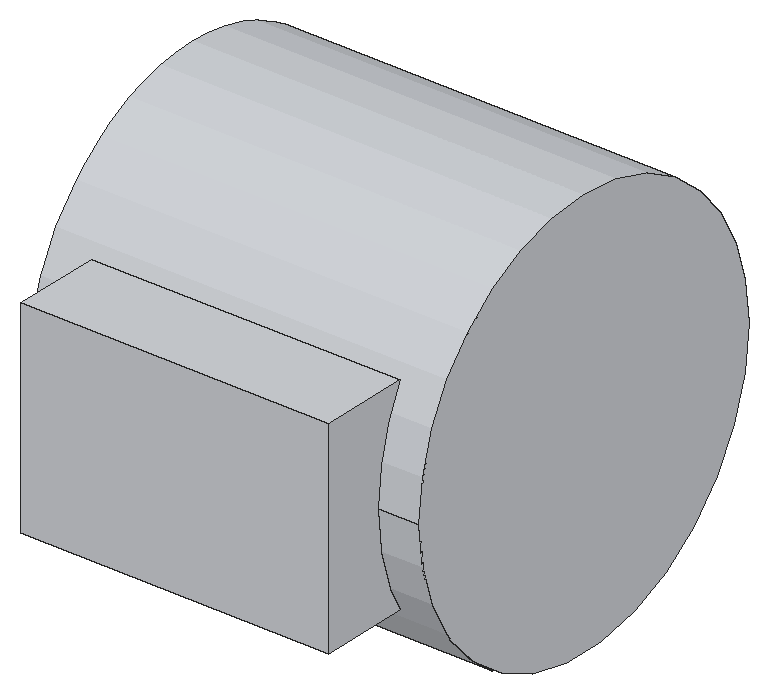
Revit family "db01d54c0a9b44398382ff107906178d", category Duct Fittings, Revit 2021
Family settings
  Round Connector Dimension = Use Radius
  Part Type = Tee
  OmniClass Number = 23.75.70.14
  OmniClass Title = Air Ductwork
  Seek Item ID = Round to Rectangular Tee - Transition-0000-USA-ENU
  Work Plane-Based = No
  Always vertical = Yes
  Cut with Voids When Loaded = No
  Shared = No
Parameters (values of type "Standard")
  Length 3 [instance] = Duct Length 2  # 6"
  Duct Width [instance] = 30"
  Duct Radius [instance] = 20"
  Duct Length 2 [instance] = 6"
  Duct Length 1 [instance] = Duct Width + 0' 8"  # 38"
  Duct Height [instance] = 20"
  Duct Diameter [instance] = 2 * Duct Radius  # 40"
  Default Elevation = 0' - 0"
Reference planes (in)
  plane 1 "Center (Front/Back)": y = 0
  plane 2: z = 0
  plane 3 "Center (Left/Right)": x = 0
  plane 4: x = -19
  plane 5: x = 19
  plane 6: y = 20
  plane 7: y = -20
  plane 8: y = -26
Forms (in)
  Sweep 1, solid, detail levels medium+fine
    path in 3D
      loop
        line (-19, 0, 0) -> (19, 0, 0)
    profile origin (0, 0, 0) x (0, 1, 0) y (0, 0, 1)
      loop
        circle (0, 0) r 20
  Sweep 2, solid, detail levels medium+fine
    path in 3D
      loop
        line (0, 0, 0) -> (0, -26, 0)
    profile "Rectangular Duct Profile : Duct - Rectangular" origin (0, -13, 0) x (1, 0, 0) y (0, 0, 1)
      loop
        line (-15, 10) -> (-15, -10) -> (15, -10) -> (15, 10) -> (-15, 10)
Cuts and joins
  joined: Sweep 1, Sweep 2
Lines and regions (in)
  model lines, detail levels coarse
    curve 1: line (-19, 0, 0) -> (19, 0, 0)
    curve 2: line (0, 0, 0) -> (0, -26, 0)
  sketch lines
    curve 3: line (-19, 0, 0) -> (19, 0, 0)
    curve 4: line (0, 0, 0) -> (0, -26, 0)
Dimensions and locks (in)
  equal spacing: plane 4, plane 3 "Center (Left/Right)", plane 5
  "Duct Length 1": plane 4 to plane 5
  "Length 3": plane 7 to plane 8
  equal spacing: plane 6, plane 1 "Center (Front/Back)", plane 7
  "Duct Diameter": plane 6 to plane 7
  "Duct Radius": radius of Sweep 1 sketch curve
  aligned and locked: plane 1 "Center (Front/Back)" to curve 1
  aligned and locked: plane 4 to curve 1
  aligned and locked: plane 5 to curve 1
  aligned and locked: curve 2 to plane 3 "Center (Left/Right)"
  aligned and locked: plane 8 to curve 2
  aligned and locked: plane 1 "Center (Front/Back)" to curve 2
Automatic sketch dimensions
  Sweep 1 sketch curve to profile plane = 0' - 0"  (x2)
Connectors (in)
  hvac at (-19, 0, 0), driven by "Duct Radius"
    settings: on Sweep 1, index 1, duct flow 0 CFM, flow factor 0, pres drop 0.00 in-wg, loss coef 0, conn angle 0.00°, conn width 12", conn height 12", conn diameter 40", duct sys type 28, conn prof type 0, flow config 0, flow direction 0, loss method 0, conn ref index 2, conn util no, is conn primary yes, conn desc ""
  hvac at (19, 0, 0), driven by "Duct Radius"
    settings: on Sweep 1, index 2, duct flow 0 CFM, flow factor 0, pres drop 0.00 in-wg, loss coef 0, conn angle 0.00°, conn width 12", conn height 12", conn diameter 40", duct sys type 28, conn prof type 0, flow config 0, flow direction 0, loss method 0, conn ref index 1, conn util no, is conn primary no, conn desc ""
  hvac at (0, -26, 0), driven by "Duct Height", driven by "Duct Width"
    settings: on Sweep 2, index 3, duct flow 0 CFM, flow factor 0, pres drop 0.00 in-wg, loss coef 0, conn angle 0.00°, conn width 30", conn height 20", conn diameter 24", duct sys type 28, conn prof type 1, flow config 0, flow direction 0, loss method 0, conn ref index -1, conn util no, is conn primary no, conn desc ""
